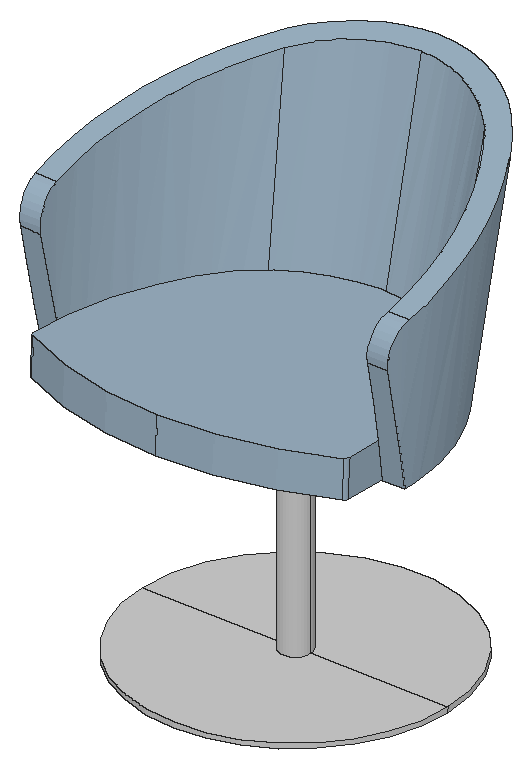
Revit family "FU_Chair_Sandler_Kicca 164", category Furniture, Revit 2020
Family settings
  OmniClass Number = 23.40.20.00
  OmniClass Title = General Furniture and Specialties
  Work Plane-Based = No
  Always vertical = Yes
  Cut with Voids When Loaded = No
  Shared = No
  Room Calculation Point = No
Parameters (values of type "Kicca 164")
  Width = 620 mm
  URL = "https://www.sandlerseating.com/product/kicca-164/"
  Seat Material = Leather - Sandler 227
  Model = "Kicca 164"
  Manufacturer = "Sandler"
  Height = 760 mm
  Frame Finish = Metal - Chrome - Polished
  Description = "Upholstered armchair on column steel base. 360° swivel without memory return."
  Depth = 570 mm
  Default Elevation = 0 mm
Reference planes
  plane 1 "Center (Front/Back)": y = 0
  plane 2: z = 0
  plane 3 "Center (Left/Right)": x = 0
  plane 4 "Right": x = -310
  plane 5 "Left": x = 310
  plane 6 "Back": y = 285
  plane 7 "Front": y = -285
  plane 8 "Height": z = 760
  plane 9 "Seat height": z = 460
Forms (mm)
  Revolve 1, solid, material "Metal - Chrome - Polished" <- "Frame Finish"
    sketch origin (0, 0, 0) x (1, 0, 0) y (0, 0, 1)
      loop
        line (0, 393.456) -> (-76.751, 393.456) -> (-76.751, 392.475) -> (-56.669, 392.475) -> (-56.669, 380.716) -> (-11.503, 380.716) -> (-11.503, 370.916) -> (-23.973, 370.916) -> (-23.973, 7.844) -> (-243.623, 7.844) -> (-243.623, 0) -> (0, 0) -> (0, 393.456)
      axis (0, 393.456) -> (0, 0)
    angle from 0 to 360
Dimensions and locks
  equal spacing: plane 4 "Right", plane 3 "Center (Left/Right)", plane 5 "Left"
  "Width": plane 4 "Right" to plane 5 "Left"
  equal spacing: plane 6 "Back", plane 1 "Center (Front/Back)", plane 7 "Front"
  "Depth": plane 6 "Back" to plane 7 "Front"
  "Height": plane 8 "Height" to level
  plane 9 "Seat height" to level = 460 mm
  aligned and locked: level to plane 2
Automatic sketch dimensions
  Revolve 1 sketch curve to level = 0 mm
  Revolve 1 sketch curve to plane 3 "Center (Left/Right)" = 0 mm  (x2)
  Revolve 1 sketch curve to plane 3 "Center (Left/Right)" = 11.503 mm
  level to Revolve 1 sketch curve = 7.844 mm
  Revolve 1 sketch curve to plane 3 "Center (Left/Right)" = 23.973 mm
  Revolve 1 sketch curve to Revolve 1 sketch curve = 32.697 mm
  Revolve 1 sketch curve to Revolve 1 sketch curve = 20.082 mm
  Revolve 1 sketch curve to plane 4 "Right" = 66.377 mm
  Revolve 1 sketch curve to plane 9 "Seat height" = 89.084 mm
  Revolve 1 sketch curve to Revolve 1 sketch curve = 9.8 mm
  Revolve 1 sketch curve to Revolve 1 sketch curve = 11.759 mm
  Revolve 1 sketch curve to Revolve 1 sketch curve = 0.98 mm
  Revolve 1 sketch curve to Revolve 1 sketch curve = 77.461 mm
  Revolve 1 sketch curve to Revolve 1 sketch curve = 30 mm
Nested families
  nested 1: "Kicca Seat" at (0, 0, -340), Seat Material <- "Seat Material", type "Kicca 366"
    with Seat Material Leather - Sandler 227
Definition of nested family "Kicca Seat"
  Parameters (values of type "Kicca 366")
    Width = 620 mm
    URL = "https://www.sandlerseating.com/range/kicca/"
    Seat Material [instance] = none
    Model = "Kicca Seat"
    Manufacturer = "Sandler"
    Height = 1100 mm
    Description = ""
    Depth = 570 mm
    Default Elevation = 0 mm
  Reference planes
    plane 1 "Center (Front/Back)": y = 0
    plane 2: z = 0
    plane 3 "Center (Left/Right)": x = 0
    plane 4 "Right": x = -310
    plane 5 "Left": x = 310
    plane 6 "Back": y = 285
    plane 7 "Front": y = -285
    plane 8 "Height": z = 1100
    plane 9 "Seat height": z = 800
    plane 10 "Seat base": through (4267.2, -277.142, 743.663) normal (0, 0.0372, 0.9993)
  Forms (mm)
    SweptBlend 1, solid, material <- "Seat Material"
      path origin (0, 0, 0) x (0, 1, 0) y (0, 0, 1)
        loop
          line (181.357, 633.473) -> (286.148, 1101.895)
      profile "Pro_Kica_Back_Base : Pro_Kica_Back_Base" origin (0, 181.357, 633.473) x (0, -0.975878, 0.218315) y (1, 0, 0)
        loop
          arc (33.233, 0) -> (47.234, 72.081) -> (85.061, 135.016) r 211.263
          arc (85.061, 135.016) -> (231.256, 230.404) -> (404.501, 251.804) r 386.802
          line (404.501, 251.804) -> (404.501, 283.54)
          arc (404.501, 283.54) -> (211.471, 262.364) -> (52.124, 151.38) r 393.137
          arc (52.124, 151.38) -> (14.694, 79.604) -> (0, 0) r 272.498
          arc (0, 0) -> (14.694, -79.604) -> (52.124, -151.38) r 272.498
          arc (52.124, -151.38) -> (211.471, -262.364) -> (404.501, -283.54) r 393.137
          line (404.501, -283.54) -> (404.501, -251.804)
          arc (404.501, -251.804) -> (231.256, -230.404) -> (85.061, -135.016) r 386.802
          arc (85.061, -135.016) -> (47.234, -72.081) -> (33.233, 0) r 211.263
      end profile "Pro_Kica_Back_Top : Pro_Kica_Back_Top" origin (0, 286.148, 1101.895) x (0, -0.975878, 0.218315) y (1, 0, 0)
        loop
          arc (32.528, 0) -> (51.499, 88.387) -> (101.901, 163.431) r 239.326
          arc (101.901, 163.431) -> (266.83, 255.445) -> (455.136, 269.914) r 440.391
          line (455.136, 269.914) -> (455.136, 303.653)
          arc (455.136, 303.653) -> (250.154, 286.066) -> (73.556, 180.52) r 457.956
          arc (73.556, 180.52) -> (20.404, 97.059) -> (1.16, 0) r 267.996
          arc (1.16, 0) -> (20.404, -97.059) -> (73.556, -180.52) r 267.996
          arc (73.556, -180.52) -> (250.154, -286.066) -> (455.136, -303.653) r 457.956
          line (455.136, -303.653) -> (455.136, -269.914)
          arc (455.136, -269.914) -> (266.83, -255.445) -> (101.901, -163.431) r 440.391
          arc (101.901, -163.431) -> (51.499, -88.387) -> (32.528, 0) r 239.326
    Extrusion 2, void
      sketch origin (0, 0, 0) x (0, 1, 0) y (0, 0, 1)
        loop
          line (285, 724.424) -> (285, 1100.394) -> (-145.712, 984.985)
          arc (-145.712, 984.985) -> (-175.288, 963) -> (-181.767, 926.722) r 50
          line (-181.767, 926.722) -> (-143.513, 738.67) -> (285, 724.424)
        loop
          line (-229.627, 1243.815) -> (-229.627, 623.815) -> (305.373, 623.815) -> (305.373, 1243.815) -> (-229.627, 1243.815)
      from -330 to 330
    Extrusion 3, solid, material <- "Seat Material"
      sketch origin (0, 27.234, 732.344) x (0, -0.999309, 0.037161) y (1, 0, 0)
        loop
          arc (-141.38, 0) -> (-127.875, -70.263) -> (-93.057, -132.767) r 225.694
          arc (-93.057, -132.767) -> (-38.698, -184.135) -> (28.163, -217.646) r 256.598
          arc (28.163, -217.646) -> (130.45, -246.661) -> (236.587, -252.951) r 490.455
          arc (236.587, -252.951) -> (240.475, -251.72) -> (243.255, -248.737) r 8.019
          arc (243.255, -248.737) -> (290.183, -128.246) -> (306.715, 0) r 533.019
          arc (306.715, 0) -> (290.183, 128.246) -> (243.255, 248.737) r 533.019
          arc (243.255, 248.737) -> (240.475, 251.72) -> (236.587, 252.951) r 8.019
          arc (236.587, 252.951) -> (130.45, 246.661) -> (28.163, 217.646) r 490.455
          arc (28.163, 217.646) -> (-38.698, 184.135) -> (-93.057, 132.767) r 256.598
          arc (-93.057, 132.767) -> (-127.875, 70.263) -> (-141.38, 0) r 225.694
      from 0 to 58
  Cuts and joins
    Extrusion 2 cuts SweptBlend 1
  Dimensions and locks
    equal spacing: plane 4 "Right", plane 3 "Center (Left/Right)", plane 5 "Left"
    "Width": plane 4 "Right" to plane 5 "Left"
    equal spacing: plane 6 "Back", plane 1 "Center (Front/Back)", plane 7 "Front"
    "Depth": plane 6 "Back" to plane 7 "Front"
    "Height": plane 8 "Height" to level
    plane 9 "Seat height" to level = 800 mm
    locked: plane 8 "Height" to plane 9 "Seat height" at 300
    aligned and locked: level to plane 2
  Automatic sketch dimensions
    SweptBlend 1 sketch curve to plane 6 "Back" = 103.643 mm
    plane 6 "Back" to SweptBlend 1 sketch curve = 1.148 mm
    plane 8 "Height" to SweptBlend 1 sketch curve = 1.895 mm
    Extrusion 2 sketch curve to plane 6 "Back" = 0 mm
    plane 1 "Center (Front/Back)" to Extrusion 2 sketch curve = 132.771 mm
    plane 7 "Front" to Extrusion 2 sketch curve = 141.487 mm
    Extrusion 2 sketch curve to Extrusion 2 sketch curve = 12.941 mm
    Extrusion 2 sketch curve to Extrusion 2 sketch curve = 48.996 mm
    plane 7 "Front" to Extrusion 2 sketch curve = 55.373 mm
    plane 6 "Back" to Extrusion 2 sketch curve = 20.373 mm
    plane 9 "Seat height" to Extrusion 2 sketch curve = 126.722 mm
    Extrusion 2 sketch curve to Extrusion 2 sketch curve = 9.967 mm
    plane 8 "Height" to Extrusion 2 sketch curve = 0.394 mm
    Extrusion 3 sketch curve to plane 3 "Center (Left/Right)" = 0 mm  (x2)
    plane 3 "Center (Left/Right)" to Extrusion 3 sketch curve = 3.522 mm
    Extrusion 3 sketch curve to plane 3 "Center (Left/Right)" = 3.522 mm
    Extrusion 3 sketch curve to Extrusion 3 sketch curve = 0 mm  (x7)
    plane 3 "Center (Left/Right)" to Extrusion 3 sketch curve = 6.929 mm
    Extrusion 3 sketch curve to Extrusion 3 sketch curve = 310.499 mm
    Extrusion 3 sketch curve to plane 3 "Center (Left/Right)" = 6.929 mm
    Extrusion 3 sketch curve to plane 3 "Center (Left/Right)" = 26.058 mm
    Extrusion 3 sketch curve to Extrusion 3 sketch curve = 24.273 mm  (x2)
    plane 3 "Center (Left/Right)" to Extrusion 3 sketch curve = 26.058 mm
    Extrusion 3 sketch curve to Extrusion 3 sketch curve = 103.881 mm  (x2)
    plane 5 "Left" to Extrusion 3 sketch curve = 73.095 mm
    Extrusion 3 sketch curve to Extrusion 3 sketch curve = 23.83 mm  (x2)
    Extrusion 3 sketch curve to Extrusion 3 sketch curve = 8.037 mm  (x2)
    Extrusion 3 sketch curve to Extrusion 3 sketch curve = 84.912 mm
    plane 5 "Left" to Extrusion 3 sketch curve = 92.354 mm
    plane 8 "Height" to Extrusion 2 sketch curve = 143.815 mm
    SweptBlend 1 sketch curve to plane 9 "Seat height" = 166.527 mm
    Extrusion 2 sketch curve to plane 9 "Seat height" = 61.33 mm
    Extrusion 2 sketch curve to plane 9 "Seat height" = 75.576 mm
    Extrusion 2 sketch curve to Extrusion 2 sketch curve = 100.609 mm
    Extrusion 3 sketch curve to plane 4 "Right" = 73.095 mm
    Extrusion 3 sketch curve to plane 4 "Right" = 92.354 mm
